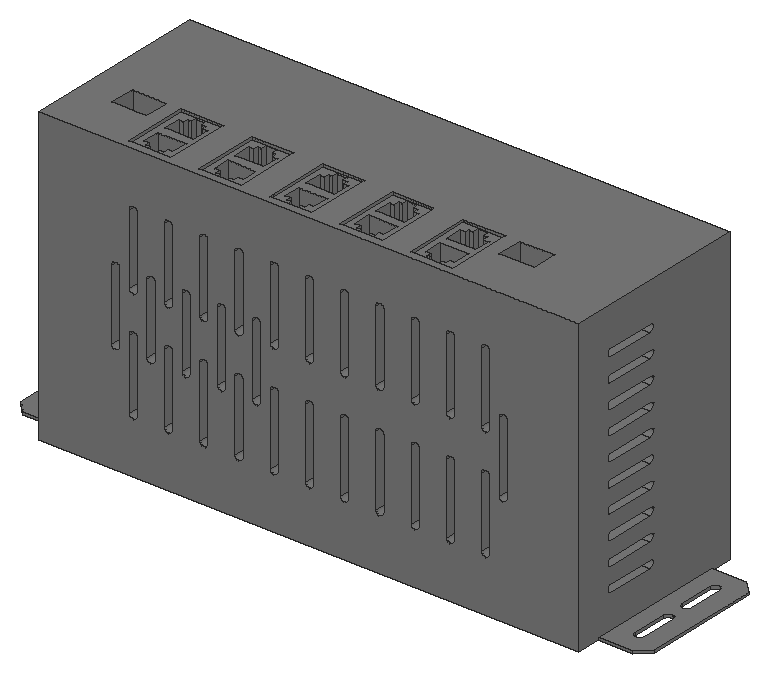
Revit family "БКМ10П_RV17_LOD400 (05.11.23)", category Электрооборудование, Revit 2017 (continued)
Automatic sketch dimensions
  level to Extrusion 41 sketch curve = 71.375 mm
  Extrusion 41 sketch curve to Extrusion 41 sketch curve = 30 mm
  Extrusion 42 sketch curve to plane 11 "2" = 53.5 mm
  Extrusion 42 sketch curve to Extrusion 42 sketch curve = 1.763 mm
  level to Extrusion 42 sketch curve = 23.625 mm
  Extrusion 42 sketch curve to Extrusion 42 sketch curve = 30 mm
  Extrusion 43 sketch curve to plane 3 "По центру (Влево/Вправо)" = 46.5 mm
  Extrusion 43 sketch curve to Extrusion 43 sketch curve = 1.763 mm
  level to Extrusion 43 sketch curve = 71.375 mm
  Extrusion 43 sketch curve to Extrusion 43 sketch curve = 30 mm
  Extrusion 44 sketch curve to plane 3 "По центру (Влево/Вправо)" = 46.5 mm
  Extrusion 44 sketch curve to Extrusion 44 sketch curve = 1.763 mm
  level to Extrusion 44 sketch curve = 23.625 mm
  Extrusion 44 sketch curve to Extrusion 44 sketch curve = 30 mm
  Extrusion 45 sketch curve to plane 3 "По центру (Влево/Вправо)" = 31.5 mm
  Extrusion 45 sketch curve to Extrusion 45 sketch curve = 1.763 mm
  level to Extrusion 45 sketch curve = 71.375 mm
  Extrusion 45 sketch curve to Extrusion 45 sketch curve = 30 mm
  Extrusion 46 sketch curve to plane 3 "По центру (Влево/Вправо)" = 31.5 mm
  Extrusion 46 sketch curve to Extrusion 46 sketch curve = 1.763 mm
  level to Extrusion 46 sketch curve = 23.625 mm
  Extrusion 46 sketch curve to Extrusion 46 sketch curve = 30 mm
  Extrusion 47 sketch curve to plane 11 "2" = 18.5 mm
  Extrusion 47 sketch curve to Extrusion 47 sketch curve = 1.763 mm
  level to Extrusion 47 sketch curve = 71.375 mm
  Extrusion 47 sketch curve to Extrusion 47 sketch curve = 30 mm
  Extrusion 48 sketch curve to plane 11 "2" = 33.5 mm
  Extrusion 48 sketch curve to Extrusion 48 sketch curve = 1.763 mm
  level to Extrusion 48 sketch curve = 71.375 mm
  Extrusion 48 sketch curve to Extrusion 48 sketch curve = 30 mm
  Extrusion 49 sketch curve to plane 11 "2" = 48.5 mm
  Extrusion 49 sketch curve to Extrusion 49 sketch curve = 1.763 mm
  level to Extrusion 49 sketch curve = 71.375 mm
  Extrusion 49 sketch curve to Extrusion 49 sketch curve = 30 mm
  Extrusion 50 sketch curve to plane 3 "По центру (Влево/Вправо)" = 51.5 mm
  Extrusion 50 sketch curve to Extrusion 50 sketch curve = 1.763 mm
  level to Extrusion 50 sketch curve = 71.375 mm
  Extrusion 50 sketch curve to Extrusion 50 sketch curve = 30 mm
  Extrusion 51 sketch curve to plane 10 = 37.591 mm
  Extrusion 51 sketch curve to Extrusion 51 sketch curve = 1.589 mm
  level to Extrusion 51 sketch curve = 26.054 mm
  Extrusion 51 sketch curve to Extrusion 51 sketch curve = 23.651 mm
  Extrusion 52 sketch curve to plane 10 = 37.591 mm
  Extrusion 52 sketch curve to Extrusion 52 sketch curve = 1.589 mm
  level to Extrusion 52 sketch curve = 75.295 mm
  Extrusion 52 sketch curve to Extrusion 52 sketch curve = 23.651 mm
  Extrusion 53 sketch curve to plane 10 = 47.591 mm
  Extrusion 53 sketch curve to Extrusion 53 sketch curve = 1.589 mm
  level to Extrusion 53 sketch curve = 26.054 mm
  Extrusion 53 sketch curve to Extrusion 53 sketch curve = 23.651 mm
  Extrusion 54 sketch curve to plane 10 = 47.591 mm
  Extrusion 54 sketch curve to Extrusion 54 sketch curve = 1.589 mm
  level to Extrusion 54 sketch curve = 75.295 mm
  Extrusion 54 sketch curve to Extrusion 54 sketch curve = 23.651 mm
  plane 3 "По центру (Влево/Вправо)" to Extrusion 55 sketch curve = 57.409 mm
  Extrusion 55 sketch curve to Extrusion 55 sketch curve = 1.589 mm
  level to Extrusion 55 sketch curve = 26.054 mm
  Extrusion 55 sketch curve to Extrusion 55 sketch curve = 23.651 mm
  plane 3 "По центру (Влево/Вправо)" to Extrusion 56 sketch curve = 57.409 mm
  Extrusion 56 sketch curve to Extrusion 56 sketch curve = 1.589 mm
  level to Extrusion 56 sketch curve = 75.295 mm
  Extrusion 56 sketch curve to Extrusion 56 sketch curve = 23.651 mm
  Extrusion 81 sketch curve to plane 3 "По центру (Влево/Вправо)" = 1.3 mm
  Extrusion 81 sketch curve to Extrusion 81 sketch curve = 18 mm
  plane 1 "По центру (Вперед/Назад)" to Extrusion 81 sketch curve = 8.546 mm
  Extrusion 81 sketch curve to Extrusion 81 sketch curve = 28 mm
  Extrusion 82 sketch curve to plane 3 "По центру (Влево/Вправо)" = 4.289 mm
  Extrusion 82 sketch curve to Extrusion 82 sketch curve = 0 mm
  Extrusion 82 sketch curve to Extrusion 82 sketch curve = 2.215 mm  (x4)
  Extrusion 82 sketch curve to Extrusion 82 sketch curve = 1.766 mm  (x4)
  Extrusion 82 sketch curve to Extrusion 82 sketch curve = 4.416 mm  (x2)
  plane 1 "По центру (Вперед/Назад)" to Extrusion 82 sketch curve = 9.079 mm
  Extrusion 82 sketch curve to Extrusion 82 sketch curve = 2.252 mm  (x3)
  Extrusion 82 sketch curve to Extrusion 82 sketch curve = 1.995 mm  (x4)
  Extrusion 82 sketch curve to Extrusion 82 sketch curve = 7.342 mm  (x3)
  Extrusion 82 sketch curve to Extrusion 82 sketch curve = 3.755 mm
  Extrusion 87 sketch curve to plane 11 "2" = 29.7 mm
  Extrusion 87 sketch curve to Extrusion 87 sketch curve = 4 mm
  Extrusion 87 sketch curve to plane 11 "2" = 14.7 mm
  plane 1 "По центру (Вперед/Назад)" to Extrusion 87 sketch curve = 8.546 mm
  Extrusion 87 sketch curve to Extrusion 87 sketch curve = 11 mm
  Extrusion 88 sketch curve to plane 10 = 50.3 mm
  Extrusion 88 sketch curve to Extrusion 88 sketch curve = 4 mm
  Extrusion 88 sketch curve to Extrusion 88 sketch curve = 15 mm
  plane 1 "По центру (Вперед/Назад)" to Extrusion 88 sketch curve = 19.546 mm
  Extrusion 88 sketch curve to Extrusion 88 sketch curve = 11 mm
Connectors
  electrical at (-115, 0.193, 62.5)
    settings: on cut or joined group 1 (Extrusion 1, Extrusion 3, Extrusion 4, Extrusion 5, Extrusion 6, Extrusion 7, Extrusion 8, Extrusion 9, Extrusion 10, Extrusion 11, Extrusion 12, Extrusion 13, Extrusion 14, Extrusion 15, Extrusion 17, Extrusion 18, Extrusion 19, Extrusion 20, Extrusion 21, Extrusion 22, Extrusion 23, Extrusion 24, Extrusion 25, Extrusion 26, Extrusion 27, Extrusion 28, Extrusion 29, Extrusion 30, Extrusion 31, Extrusion 32, Extrusion 33, Extrusion 34, Extrusion 35, Extrusion 36, Extrusion 37, Extrusion 38, Extrusion 39, Extrusion 40, Extrusion 41, Extrusion 42, Extrusion 43, Extrusion 44, Extrusion 45, Extrusion 46, Extrusion 47, Extrusion 48, Extrusion 49, Extrusion 50, Extrusion 51, Extrusion 52, Extrusion 53, Extrusion 54, Extrusion 55, Extrusion 56, Extrusion 57, Extrusion 58, Extrusion 59, Extrusion 60, Extrusion 61, Extrusion 62, Extrusion 63, Extrusion 64, Extrusion 65, Extrusion 66, Extrusion 67, Extrusion 68, Extrusion 69, Extrusion 70, Extrusion 71, Extrusion 72, Extrusion 73, Extrusion 74, Extrusion 75, Extrusion 76, Extrusion 77, Extrusion 78, Extrusion 79, Extrusion 80, Extrusion 81, Extrusion 82, Extrusion 83, Extrusion 84, Extrusion 85, Extrusion 86, Extrusion 87, Extrusion 88), index 1, voltage 0 V, apparent load 0 VA, apparent load phase1 0 VA, apparent load phase2 0 VA, apparent load phase3 0 VA, power factor 1, load classification "Прочее", number of poles 1, system type 14, power factor state 1, is connector primary yes, connector utility no, sub classification motor no, connector description ""
  cabletrayconduit at (-115, 0.193, 62.5), diameter 20, driven by "d_короба"
    settings: on cut or joined group 1, index 2, connector width 300 mm, connector height 300 mm, connector angle 0.00°, system type 32, placement type 0, profile type 0, connector reference index -1, is primary connector yes, connector utility param no, connector description ""
  electrical at (-70.479, -13.369, 124)
    settings: on cut or joined group 1, index 3, voltage 0 V, apparent load 0 VA, apparent load phase1 0 VA, apparent load phase2 0 VA, apparent load phase3 0 VA, power factor 1, load classification "Прочее", number of poles 1, system type 14, power factor state 1, is connector primary no, connector utility no, sub classification motor no, connector description ""
  electrical at (-40.479, -13.369, 124)
    settings: on cut or joined group 1, index 4, voltage 0 V, apparent load 0 VA, apparent load phase1 0 VA, apparent load phase2 0 VA, apparent load phase3 0 VA, power factor 1, load classification "Прочее", number of poles 1, system type 14, power factor state 1, is connector primary no, connector utility no, sub classification motor no, connector description ""
  electrical at (-10.479, -13.177, 124)
    settings: on cut or joined group 1, index 5, voltage 0 V, apparent load 0 VA, apparent load phase1 0 VA, apparent load phase2 0 VA, apparent load phase3 0 VA, power factor 1, load classification "Прочее", number of poles 1, system type 14, power factor state 1, is connector primary no, connector utility no, sub classification motor no, connector description ""
  electrical at (19.521, -13.369, 124)
    settings: on cut or joined group 1, index 6, voltage 0 V, apparent load 0 VA, apparent load phase1 0 VA, apparent load phase2 0 VA, apparent load phase3 0 VA, power factor 1, load classification "Прочее", number of poles 1, system type 14, power factor state 1, is connector primary no, connector utility no, sub classification motor no, connector description ""
  electrical at (49.521, -13.369, 124)
    settings: on cut or joined group 1, index 7, voltage 0 V, apparent load 0 VA, apparent load phase1 0 VA, apparent load phase2 0 VA, apparent load phase3 0 VA, power factor 1, load classification "Прочее", number of poles 1, system type 14, power factor state 1, is connector primary no, connector utility no, sub classification motor no, connector description ""
  electrical at (49.521, -32.107, 113)
    settings: on cut or joined group 1, index 8, voltage 0 V, apparent load 0 VA, apparent load phase1 0 VA, apparent load phase2 0 VA, apparent load phase3 0 VA, power factor 1, load classification "Прочее", number of poles 1, system type 14, power factor state 1, is connector primary no, connector utility no, sub classification motor no, connector description ""
  electrical at (19.521, -32.107, 113)
    settings: on cut or joined group 1, index 9, voltage 0 V, apparent load 0 VA, apparent load phase1 0 VA, apparent load phase2 0 VA, apparent load phase3 0 VA, power factor 1, load classification "Прочее", number of poles 1, system type 14, power factor state 1, is connector primary no, connector utility no, sub classification motor no, connector description ""
  electrical at (-10.479, -31.915, 113)
    settings: on cut or joined group 1, index 10, voltage 0 V, apparent load 0 VA, apparent load phase1 0 VA, apparent load phase2 0 VA, apparent load phase3 0 VA, power factor 1, load classification "Прочее", number of poles 1, system type 14, power factor state 1, is connector primary no, connector utility no, sub classification motor no, connector description ""
  electrical at (-40.479, -32.107, 113)
    settings: on cut or joined group 1, index 11, voltage 0 V, apparent load 0 VA, apparent load phase1 0 VA, apparent load phase2 0 VA, apparent load phase3 0 VA, power factor 1, load classification "Прочее", number of poles 1, system type 14, power factor state 1, is connector primary no, connector utility no, sub classification motor no, connector description ""
  electrical at (-70.479, -32.107, 113)
    settings: on cut or joined group 1, index 12, voltage 0 V, apparent load 0 VA, apparent load phase1 0 VA, apparent load phase2 0 VA, apparent load phase3 0 VA, power factor 1, load classification "Прочее", number of poles 1, system type 14, power factor state 1, is connector primary no, connector utility no, sub classification motor no, connector description ""
  cabletrayconduit at (-70.479, -13.369, 113), diameter 20, driven by "d_короба"
    settings: on cut or joined group 1, index 13, connector width 300 mm, connector height 300 mm, connector angle 0.00°, system type 32, placement type 0, profile type 0, connector reference index -1, is primary connector no, connector utility param no, connector description ""
  cabletrayconduit at (-70.479, -32.107, 113), diameter 20, driven by "d_короба"
    settings: on cut or joined group 1, index 14, connector width 300 mm, connector height 300 mm, connector angle 0.00°, system type 32, placement type 0, profile type 0, connector reference index -1, is primary connector no, connector utility param no, connector description ""
  cabletrayconduit at (-40.479, -32.107, 113), diameter 20, driven by "d_короба"
    settings: on cut or joined group 1, index 15, connector width 300 mm, connector height 300 mm, connector angle 0.00°, system type 32, placement type 0, profile type 0, connector reference index -1, is primary connector no, connector utility param no, connector description ""
  cabletrayconduit at (-40.479, -13.369, 113), diameter 20, driven by "d_короба"
    settings: on cut or joined group 1, index 16, connector width 300 mm, connector height 300 mm, connector angle 0.00°, system type 32, placement type 0, profile type 0, connector reference index -1, is primary connector no, connector utility param no, connector description ""
  cabletrayconduit at (-10.479, -13.177, 113), diameter 20, driven by "d_короба"
    settings: on cut or joined group 1, index 17, connector width 300 mm, connector height 300 mm, connector angle 0.00°, system type 32, placement type 0, profile type 0, connector reference index -1, is primary connector no, connector utility param no, connector description ""
  cabletrayconduit at (-10.479, -31.915, 113), diameter 20, driven by "d_короба"
    settings: on cut or joined group 1, index 18, connector width 300 mm, connector height 300 mm, connector angle 0.00°, system type 32, placement type 0, profile type 0, connector reference index -1, is primary connector no, connector utility param no, connector description ""
  cabletrayconduit at (19.521, -32.107, 113), diameter 20, driven by "d_короба"
    settings: on cut or joined group 1, index 19, connector width 300 mm, connector height 300 mm, connector angle 0.00°, system type 32, placement type 0, profile type 0, connector reference index -1, is primary connector no, connector utility param no, connector description ""
  cabletrayconduit at (19.521, -13.369, 113), diameter 20, driven by "d_короба"
    settings: on cut or joined group 1, index 20, connector width 300 mm, connector height 300 mm, connector angle 0.00°, system type 32, placement type 0, profile type 0, connector reference index -1, is primary connector no, connector utility param no, connector description ""
  cabletrayconduit at (49.521, -13.369, 113), diameter 20, driven by "d_короба"
    settings: on cut or joined group 1, index 21, connector width 300 mm, connector height 300 mm, connector angle 0.00°, system type 32, placement type 0, profile type 0, connector reference index -1, is primary connector no, connector utility param no, connector description ""
  cabletrayconduit at (49.521, -32.107, 113), diameter 20, driven by "d_короба"
    settings: on cut or joined group 1, index 22, connector width 300 mm, connector height 300 mm, connector angle 0.00°, system type 32, placement type 0, profile type 0, connector reference index -1, is primary connector no, connector utility param no, connector description ""
